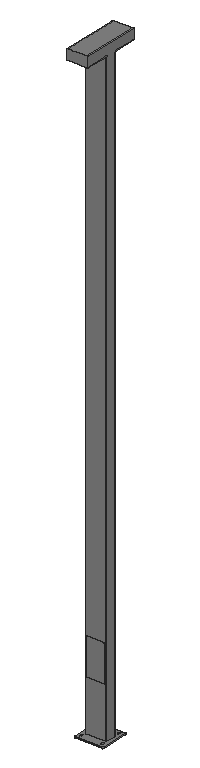
Revit family "Супремус В", category Осветительные приборы, Revit 2019 (continued)
Types (7, lengths in mm): name | Файл фотометрической сетки | built-in parameter 1150105 | Lumens | built-in parameter 1150106 | built-in parameter 1150142 | Wattage | L_общая рассеиватели | ADSK_Фактическая мощность | ADSK_Размер_Высота | ADSK_Номинальная мощность | ADSK_Наименование | ADSK_Масса_Текст | ADSK_Масса | ADSK_Артикул | 2
    .4 335.9 336.5 337.4 338.2 339.1 340.1 341.2 342.4 343.5 345.0\r\n 346.3 348.0 349.8 351.9 354.1 356.6 359.5 362.2 365.2 368.3 371.5 374.6 377.2 379.9 382.9 386.3 389.1 391.7 394.1 397.2 400.4\r\n 403.9 407.5 410.7 414.4 418.8 422.4 425.6 428.8 432.3 435.8 438.4 440.9 443.9 447.0 449.6 452.5 454.9 457.4 460.2 463.0 466.2\r\n 468.9 471.2 472.4 473.0 472.4 471.3 469.6 466.9 463.0 458.6 454.0 449.4 445.0 440.6 436.2 431.7 426.3 420.5 413.5 404.9 395.1\r\n 385.0 374.9 364.6 354.3 343.9 333.7 322.8 311.6 299.7 286.7 273.9 260.3 246.6 232.7 218.3 204.0 189.7 176.0 162.6 149.4 137.9\r\n 126.5 115.1 106.0 98.4 90.9 83.7 77.5 71.5 65.7 60.0 54.6 49.8 44.9 40.6 36.8 33.6 30.7 28.0 25.6 23.4 21.5 19.9 18.3 16.7 15.2\r\n 13.8 12.2 10.7 9.5 8.3 7.4 6.6 6.0 5.3 4.7 4.3 4.0 3.6 3.1 2.8 2.5 2.2 1.9 1.6 1.4 1.3 1.2 1.0 0.9 0.8 0.7 0.5 0.4 0.3 0.1 0.0\r\n 0.0 0.0 0.0 0.0 0.0 0.0 0.0 0.0 0.0 0.0 0.0 0.0 0.0 0.0 0.0 0.0 0.0 0.0 0.0 0.0 0.0 0.0 0.0 0.0 0.0 0.0 0.0 0.0 0.0 0.0 0.0 0.0\r\n 0.0 0.0 0.0 0.0 0.0 0.0 0.0 0.0 0.0 0.0 0.0 0.0 0.0 0.0 0.0 0.0 0.0 0.0 0.0 0.0 0.0 0.0 0.0 0.0 0.0 0.0 0.0 0.0 0.0 0.0 0.0 0.0\r\n 0.0 0.0 0.0 0.0 0.0 0.0 0.0 0.0 0.0 0.0 0.0 0.0 0.0 0.0 0.0 0.0 0.0 0.0 0.0 0.0 0.0 0.0 0.0 0.0 0.0 0.0 0.0 0.0 0.0 0.0 0.0 0.0\r\n 0.0 0.0 0.0 0.0 0.0 0.0 0.0 0.0 0.0 0.0 0.0 0.0 0.0 0.0 0.0 0.0 0.0 0.0 0.0 0.0 0.0 0.0 0.0 0.0 0.0 0.0 0.0 0.0 0.0 0.0 0.0 0.0\r\n 0.0 0.0 0.0 0.0 0.0 0.0 0.0 0.0 0.0 0.0 0.0 0.0 0.0 0.0 0.0 0.0 0.0 0.0 0.0 0.0 0.0 0.0 0.0 0.0 0.0 0.0 0.0 0.0 0.0 0.0\r\n275.6 277.2 278.7 280.3 282.0 283.5 285.2 287.0 288.8 290.5 292.5 294.4 296.3 298.1 299.8 301.6 303.3 304.7 306.1 307.5 308.8\r\n 310.0 311.3 312.2 313.3 314.3 315.6 316.5 317.6 318.9 320.0 321.4 322.5 323.5 324.6 325.4 326.1 327.0 327.6 328.5 329.2 329.8\r\n 330.3 331.2 332.0 332.7 333.2 333.7 334.2 335.0 335.9 336.6 337.8 338.9 340.0 341.3 342.7 344.3 345.7 347.3 348.9 350.6 352.6\r\n 354.5 356.5 359.0 361.0 363.6 366.0 368.8 371.8 374.4 376.7 379.1 381.5 383.8 386.4 388.6 390.3 392.3 394.5 396.5 398.5 400.0\r\n 402.0 404.3 405.9 407.6 410.5 413.3 416.0 418.7 421.0 423.7 425.9 428.1 430.0 432.2 434.3 436.0 438.2 440.1 441.5 442.6 443.3\r\n 443.5 443.5 442.8 441.9 440.2 437.9 434.3 430.1 425.6 421.4 417.3 412.7 407.7 401.8 396.0 390.3 385.1 379.2 372.9 365.9 358.2\r\n 350.0 341.5 333.0 323.5 314.0 304.3 294.4 284.3 272.7 260.4 248.0 235.4 221.9 208.4 195.0 181.1 166.5 152.1 139.0 126.0 113.4\r\n 102.9 93.3 84.7 76.4 68.2 61.1 54.1 48.8 44.3 40.3 36.7 33.6 31.0 28.6 26.5 24.8 23.5 22.6 21.8 21.1 20.3 19.6 18.6 17.5 16.2\r\n 14.6 13.0 11.6 10.5 9.5 8.5 7.7 6.9 6.5 6.1 5.8 5.2 4.7 4.1 3.5 2.9 2.4 2.1 1.8 1.6 1.5 1.4 1.3 1.1 1.0 0.9 0.8 0.7 0.6 0.0 0.0\r\n 0.0 0.0 0.0 0.0 0.0 0.0 0.0 0.0 0.0 0.0 0.0 0.0 0.0 0.0 0.0 0.0 0.0 0.0 0.0 0.0 0.0 0.0 0.0 0.0 0.0 0.0 0.0 0.0 0.0 0.0 0.0 0.0\r\n 0.0 0.0 0.0 0.0 0.0 0.0 0.0 0.0 0.0 0.0 0.0 0.0 0.0 0.0 0.0 0.0 0.0 0.0 0.0 0.0 0.0 0.0 0.0 0.0 0.0 0.0 0.0 0.0 0.0 0.0 0.0 0.0\r\n 0.0 0.0 0.0 0.0 0.0 0.0 0.0 0.0 0.0 0.0 0.0 0.0 0.0 0.0 0.0 0.0 0.0 0.0 0.0 0.0 0.0 0.0 0.0 0.0 0.0 0.0 0.0 0.0 0.0 0.0 0.0 0.0\r\n 0.0 0.0 0.0 0.0 0.0 0.0 0.0 0.0 0.0 0.0 0.0 0.0 0.0 0.0 0.0 0.0 0.0 0.0 0.0 0.0 0.0 0.0 0.0 0.0 0.0 0.0 0.0 0.0 0.0 0.0 0.0 0.0\r\n 0.0 0.0 0.0 0.0 0.0 0.0 0.0 0.0 0.0 0.0 0.0 0.0 0.0 0.0 0.0 0.0 0.0 0.0 0.0 0.0 0.0 0.0 0.0 0.0 0.0 0.0 0.0 0.0 0.0 0.0\r\n275.6 277.3 279.1 281.0 282.7 284.5 286.4 288.6 290.8 293.1 295.0 297.3 299.4 301.3 303.2 305.0 306.8 308.4 310.0 311.5 312.9\r\n 314.0 315.5 316.7 317.7 319.0 320.4 322.0 323.5 325.0 326.1 327.3 328.2 328.9 329.8 330.5 331.3 331.8 332.5 333.1 333.6 334.1\r\n 334.5 335.0 335.6 336.2 337.0 337.8 338.4 339.2 340.0 341.1 342.1 343.5 344.9 346.4 348.2 350.1 351.8 353.6 355.5 357.4 359.3\r\n 361.1 363.4 365.6 368.0 370.4 372.9 375.3 377.6 379.7 381.5 382.4 383.9 385.5 387.0 388.2 389.1 389.8 390.3 390.6 391.1 391.1\r\n 391.1 390.8 391.0 391.5 392.0 392.7 393.5 394.2 395.3 396.0 396.6 396.7 397.1 397.3 397.6 398.0 398.4 398.8 398.7 398.8 398.4\r\n 397.1 395.3 393.0 390.3 387.1 383.0 378.6 374.2 369.4 364.3 359.0 353.3 347.9 343.1 338.5 333.5 327.9 321.9 315.5 309.2 301.8\r\n 294.1 285.9 277.2 268.8 260.1 251.4 242.0 232.4 222.8 212.6 201.7 190.6 179.4 168.4 157.7 146.7 135.6 124.7 113.7 103.5 93.8 84.7\r\n 75.5 66.6 58.9 52.5 47.4 42.8 38.8 35.4 32.6 30.4 28.6 27.0 25.4 24.0 22.9 21.9 21.0 20.1 19.3 18.5 17.7 17.1 16.5 15.6 14.5 13.2\r\n 12.2 11.1 10.2 9.3 8.3 7.4 6.7 6.2 5.8 5.4 4.8 4.3 3.8 3.3 2.7 2.3 2.1 1.8 1.7 1.5 1.4 1.3 1.1 1.0 0.9 0.8 0.7 0.0 0.0 0.0 0.0\r\n 0.0 0.0 0.0 0.0 0.0 0.0 0.0 0.0 0.0 0.0 0.0 0.0 0.0 0.0 0.0 0.0 0.0 0.0 0.0 0.0 0.0 0.0 0.0 0.0 0.0 0.0 0.0 0.0 0.0 0.0 0.0 0.0\r\n 0.0 0.0 0.0 0.0 0.0 0.0 0.0 0.0 0.0 0.0 0.0 0.0 0.0 0.0 0.0 0.0 0.0 0.0 0.0 0.0 0.0 0.0 0.0 0.0 0.0 0.0 0.0 0.0 0.0 0.0 0.0 0.0\r\n 0.0 0.0 0.0 0.0 0.0 0.0 0.0 0.0 0.0 0.0 0.0 0.0 0.0 0.0 0.0 0.0 0.0 0.0 0.0 0.0 0.0 0.0 0.0 0.0 0.0 0.0 0.0 0.0 0.0 0.0 0.0 0.0\r\n 0.0 0.0 0.0 0.0 0.0 0.0 0.0 0.0 0.0 0.0 0.0 0.0 0.0 0.0 0.0 0.0 0.0 0.0 0.0 0.0 0.0 0.0 0.0 0.0 0.0 0.0 0.0 0.0 0.0 0.0 0.0 0.0\r\n 0.0 0.0 0.0 0.0 0.0 0.0 0.0 0.0 0.0 0.0 0.0 0.0 0.0 0.0 0.0 0.0 0.0 0.0 0.0 0.0 0.0 0.0 0.0 0.0 0.0 0.0 0.0 0.0\r\n275.6 277.5 279.4 281.5 283.5 285.5 287.7 290.2 292.8 295.1 297.8 300.0 302.1 304.2 306.4 308.3 310.2 311.9 313.5 314.9 316.3\r\n 317.9 319.1 320.6 322.1 323.9 325.6 327.0 328.5 329.8 330.7 331.6 332.5 333.4 334.2 335.0 335.6 336.2 336.5 336.9 337.5 337.9\r\n 338.5 339.2 340.1 340.6 341.3 342.3 343.2 344.1 345.4 346.6 347.9 349.0 350.4 351.8 352.9 354.3 355.7 357.3 359.0 360.7 362.7\r\n 364.7 366.6 368.3 370.0 371.6 373.1 374.5 375.8 376.5 377.0 377.7 378.6 379.4 379.7 379.5 379.0 377.9 377.1 375.9 373.9 371.9\r\n 370.4 369.2 368.1 366.4 364.8 363.7 362.4 360.9 360.1 359.0 357.7 355.8 353.4 351.2 349.1 346.6 344.1 341.5 338.3 334.8 331.3\r\n 327.9 324.2 320.6 316.4 311.9 306.9 301.6 296.5 291.2 285.9 280.3 274.3 268.3 261.7 255.8 250.2 244.6 238.6 232.4 225.7 218.4\r\n 210.8 203.6 196.5 189.1 182.2 175.5 168.9 162.7 155.6 148.3 140.7 132.8 124.3 115.6 107.1 98.1 89.8 81.9 74.2 67.1 61.4 55.8 51.8\r\n 48.3 44.8 41.8 39.1 36.6 34.5 32.5 30.7 29.2 27.7 26.2 24.7 23.3 22.0 20.6 19.3 18.1 17.0 16.1 15.2 14.4 13.6 12.9 12.1 11.3 10.5\r\n 9.8 9.1 8.4 7.7 7.2 6.7 6.4 6.2 5.7 4.9 4.4 3.9 3.4 2.9 2.5 2.2 2.0 1.8 1.7 1.5 1.4 1.3 1.2 1.1 1.0 0.9 0.0 0.0 0.0 0.0 0.0 0.0\r\n 0.0 0.0 0.0 0.0 0.0 0.0 0.0 0.0 0.0 0.0 0.0 0.0 0.0 0.0 0.0 0.0 0.0 0.0 0.0 0.0 0.0 0.0 0.0 0.0 0.0 0.0 0.0 0.0 0.0 0.0 0.0 0.0\r\n 0.0 0.0 0.0 0.0 0.0 0.0 0.0 0.0 0.0 0.0 0.0 0.0 0.0 0.0 0.0 0.0 0.0 0.0 0.0 0.0 0.0 0.0 0.0 0.0 0.0 0.0 0.0 0.0 0.0 0.0 0.0 0.0\r\n 0.0 0.0 0.0 0.0 0.0 0.0 0.0 0.0 0.0 0.0 0.0 0.0 0.0 0.0 0.0 0.0 0.0 0.0 0.0 0.0 0.0 0.0 0.0 0.0 0.0 0.0 0.0 0.0 0.0 0.0 0.0 0.0\r\n 0.0 0.0 0.0 0.0 0.0 0.0 0.0 0.0 0.0 0.0 0.0 0.0 0.0 0.0 0.0 0.0 0.0 0.0 0.0 0.0 0.0 0.0 0.0 0.0 0.0 0.0 0.0 0.0 0.0 0.0 0.0 0.0\r\n 0.0 0.0 0.0 0.0 0.0 0.0 0.0 0.0 0.0 0.0 0.0 0.0 0.0 0.0 0.0 0.0 0.0 0.0 0.0 0.0 0.0 0.0 0.0 0.0 0.0 0.0\r\n275.6 277.6 279.6 281.7 284.0 286.2 288.8 291.4 294.2 297.1 299.7 302.2 304.5 306.8 309.0 311.0 313.1 314.7 316.4 318.1 319.4\r\n 321.0 322.7 324.6 326.4 328.3 329.8 331.2 332.4 333.5 334.7 335.7 336.7 337.7 338.3 339.0 339.5 340.1 340.5 341.2 341.9 342.6\r\n 343.2 344.1 344.9 345.6 346.6 347.6 348.8 349.9 350.8 351.5 352.5 353.2 354.3 355.4 356.3 357.5 358.3 359.2 360.2 361.2 362.3\r\n 363.6 364.4 365.1 365.7 366.0 366.3 366.5 366.0 365.8 366.1 366.8 367.6 368.1 367.6 366.7 365.1 363.3 360.9 357.6 354.4 352.2\r\n 349.7 347.1 344.3 341.1 338.4 335.0 331.3 328.1 325.2 321.5 317.6 313.4 308.9 304.0 299.3 294.8 290.4 285.8 281.0 276.0 270.9\r\n 265.5 260.0 253.9 247.6 241.4 235.2 228.7 222.1 215.0 208.2 201.9 196.1 190.6 184.9 179.4 173.5 167.1 160.9 154.6 148.6 142.5\r\n 136.9 131.7 127.2 122.6 118.1 113.7 108.9 103.9 98.9 94.0 89.1 84.0 79.1 74.2 69.4 64.7 60.3 56.3 52.6 49.4 46.6 44.3 42.3 40.5\r\n 38.7 37.0 35.3 33.8 32.2 30.8 29.6 28.3 27.0 25.7 24.5 23.4 22.1 20.8 19.6 18.5 17.4 16.5 15.5 14.5 13.4 12.4 11.4 10.6 9.7 9.1\r\n 8.3 7.7 7.1 6.5 6.0 5.7 5.5 5.1 4.7 4.3 3.8 3.4 3.0 2.8 2.5 2.3 2.1 2.0 1.8 1.7 1.5 1.4 1.3 1.1 1.0 0.0 0.0 0.0 0.0 0.0 0.0 0.0\r\n 0.0 0.0 0.0 0.0 0.0 0.0 0.0 0.0 0.0 0.0 0.0 0.0 0.0 0.0 0.0 0.0 0.0 0.0 0.0 0.0 0.0 0.0 0.0 0.0 0.0 0.0 0.0 0.0 0.0 0.0 0.0 0.0\r\n 0.0 0.0 0.0 0.0 0.0 0.0 0.0 0.0 0.0 0.0 0.0 0.0 0.0 0.0 0.0 0.0 0.0 0.0 0.0 0.0 0.0 0.0 0.0 0.0 0.0 0.0 0.0 0.0 0.0 0.0 0.0 0.0\r\n 0.0 0.0 0.0 0.0 0.0 0.0 0.0 0.0 0.0 0.0 0.0 0.0 0.0 0.0 0.0 0.0 0.0 0.0 0.0 0.0 0.0 0.0 0.0 0.0 0.0 0.0 0.0 0.0 0.0 0.0 0.0 0.0\r\n 0.0 0.0 0.0 0.0 0.0 0.0 0.0 0.0 0.0 0.0 0.0 0.0 0.0 0.0 0.0 0.0 0.0 0.0 0.0 0.0 0.0 0.0 0.0 0.0 0.0 0.0 0.0 0.0 0.0 0.0 0.0 0.0\r\n 0.0 0.0 0.0 0.0 0.0 0.0 0.0 0.0 0.0 0.0 0.0 0.0 0.0 0.0 0.0 0.0 0.0 0.0 0.0 0.0 0.0 0.0 0.0 0.0 0.0\r\n275.6 277.7 279.8 282.1 284.6 287.0 289.8 292.9 296.0 298.8 301.6 304.2 306.6 308.9 311.1 313.3 315.2 317.1 319.0 320.6 322.3\r\n 324.1 326.3 328.3 330.0 331.6 333.1 334.3 335.4 336.5 338.0 338.8 339.6 340.7 341.3 341.9 342.7 343.6 344.4 345.2 345.9 346.8\r\n 347.8 348.6 349.7 350.6 351.4 352.2 352.9 353.5 354.1 354.9 355.6 356.5 356.8 357.3 357.9 358.2 358.5 359.2 359.6 359.6 359.6\r\n 359.6 359.6 359.2 358.8 358.1 357.7 357.2 356.8 356.3 356.5 356.6 356.2 354.9 352.9 350.1 347.3 344.3 340.2 336.1 332.9 329.3\r\n 325.5 321.3 316.8 312.4 307.1 302.2 297.9 293.2 288.0 282.6 277.0 270.5 264.2 257.7 251.5 245.5 239.2 232.5 225.3 218.1 210.7\r\n 203.4 196.5 189.9 183.3 176.6 170.1 163.9 158.4 153.1 147.9 142.6 137.5 132.4 127.4 122.8 118.8 114.6 110.2 105.8 101.9 98.1 94.6\r\n 91.0 87.1 83.3 79.8 76.4 72.7 69.1 65.4 61.8 58.2 54.9 51.9 49.1 46.9 45.0 43.3 41.6 40.0 38.5 37.0 35.5 34.0 32.7 31.4 30.0 28.8\r\n 27.5 26.4 25.3 24.3 23.5 22.6 21.8 20.9 19.9 19.1 18.3 17.5 16.7 15.9 15.2 14.4 13.4 12.6 11.9 11.1 10.3 9.7 9.1 8.6 8.0 7.3 6.6\r\n 6.3 5.9 5.5 5.1 4.7 4.3 4.0 3.7 3.3 3.0 2.8 2.5 2.3 2.1 2.0 1.9 1.7 1.6 1.4 1.2 1.1 0.0 0.0 0.0 0.0 0.0 0.0 0.0 0.0 0.0 0.0 0.0\r\n 0.0 0.0 0.0 0.0 0.0 0.0 0.0 0.0 0.0 0.0 0.0 0.0 0.0 0.0 0.0 0.0 0.0 0.0 0.0 0.0 0.0 0.0 0.0 0.0 0.0 0.0 0.0 0.0 0.0 0.0 0.0 0.0\r\n 0.0 0.0 0.0 0.0 0.0 0.0 0.0 0.0 0.0 0.0 0.0 0.0 0.0 0.0 0.0 0.0 0.0 0.0 0.0 0.0 0.0 0.0 0.0 0.0 0.0 0.0 0.0 0.0 0.0 0.0 0.0 0.0\r\n 0.0 0.0 0.0 0.0 0.0 0.0 0.0 0.0 0.0 0.0 0.0 0.0 0.0 0.0 0.0 0.0 0.0 0.0 0.0 0.0 0.0 0.0 0.0 0.0 0.0 0.0 0.0 0.0 0.0 0.0 0.0 0.0\r\n 0.0 0.0 0.0 0.0 0.0 0.0 0.0 0.0 0.0 0.0 0.0 0.0 0.0 0.0 0.0 0.0 0.0 0.0 0.0 0.0 0.0 0.0 0.0 0.0 0.0 0.0 0.0 0.0 0.0 0.0 0.0 0.0\r\n 0.0 0.0 0.0 0.0 0.0 0.0 0.0 0.0 0.0 0.0 0.0 0.0 0.0 0.0 0.0 0.0 0.0 0.0 0.0 0.0 0.0\r\n275.6 277.8 280.1 282.5 285.1 287.9 290.9 293.9 297.1 300.3 303.1 305.7 308.4 310.8 313.2 315.3 317.5 319.4 321.2 323.2 325.2\r\n 327.6 329.5 331.4 333.1 334.5 335.9 337.4 338.6 339.9 341.1 342.0 343.0 343.8 344.7 345.7 346.8 347.6 348.4 349.5 350.5 351.6\r\n 352.7 353.7 354.4 355.1 355.7 356.2 356.6 357.4 357.8 358.3 358.5 358.7 358.8 358.7 359.0 359.0 358.5 358.4 358.3 357.9 357.7\r\n 357.2 356.6 355.9 355.2 354.6 353.6 352.4 351.3 350.6 350.2 349.0 347.3 344.5 340.7 336.9 333.1 328.4 323.4 318.5 314.1 309.2\r\n 304.1 298.7 293.0 286.7 280.6 275.0 269.3 262.6 255.2 248.0 240.6 233.4 226.3 219.7 212.7 205.6 198.5 191.4 184.4 177.6 171.1\r\n 164.7 158.3 151.9 146.2 141.2 136.8 132.7 128.4 124.2 119.9 115.6 111.6 107.9 104.4 100.9 97.5 94.4 91.5 88.8 85.7 82.4 79.1 75.7\r\n 72.1 68.6 64.7 60.9 57.1 53.8 50.7 48.1 45.7 43.7 42.0 40.4 39.0 37.5 36.0 34.3 32.6 31.0 29.4 27.9 26.5 25.2 24.0 23.0 22.0 21.1\r\n 20.4 19.7 19.0 18.4 17.8 17.0 16.1 15.4 14.7 14.1 13.5 12.9 12.4 11.9 11.3 10.5 10.1 9.6 9.1 8.6 8.3 7.9 7.5 7.1 6.8 6.6 6.5 5.9\r\n 5.4 5.0 4.6 4.1 3.8 3.5 3.2 2.9 2.7 2.5 2.3 2.1 2.0 1.9 1.7 1.5 1.4 1.3 1.1 0.0 0.0 0.0 0.0 0.0 0.0 0.0 0.0 0.0 0.0 0.0 0.0 0.0\r\n 0.0 0.0 0.0 0.0 0.0 0.0 0.0 0.0 0.0 0.0 0.0 0.0 0.0 0.0 0.0 0.0 0.0 0.0 0.0 0.0 0.0 0.0 0.0 0.0 0.0 0.0 0.0 0.0 0.0 0.0 0.0 0.0\r\n 0.0 0.0 0.0 0.0 0.0 0.0 0.0 0.0 0.0 0.0 0.0 0.0 0.0 0.0 0.0 0.0 0.0 0.0 0.0 0.0 0.0 0.0 0.0 0.0 0.0 0.0 0.0 0.0 0.0 0.0 0.0 0.0\r\n 0.0 0.0 0.0 0.0 0.0 0.0 0.0 0.0 0.0 0.0 0.0 0.0 0.0 0.0 0.0 0.0 0.0 0.0 0.0 0.0 0.0 0.0 0.0 0.0 0.0 0.0 0.0 0.0 0.0 0.0 0.0 0.0\r\n 0.0 0.0 0.0 0.0 0.0 0.0 0.0 0.0 0.0 0.0 0.0 0.0 0.0 0.0 0.0 0.0 0.0 0.0 0.0 0.0 0.0 0.0 0.0 0.0 0.0 0.0 0.0 0.0 0.0 0.0 0.0 0.0\r\n 0.0 0.0 0.0 0.0 0.0 0.0 0.0 0.0 0.0 0.0 0.0 0.0 0.0 0.0 0.0 0.0 0.0 0.0 0.0\r\n275.6 277.9 280.3 282.8 285.5 288.5 291.6 294.8 298.1 301.3 304.1 307.0 309.6 312.0 314.4 316.6 318.8 321.0 323.0 325.3 327.7\r\n 329.8 331.8 333.6 335.3 336.6 338.2 339.8 341.0 342.3 343.3 344.3 345.4 346.5 347.7 348.7 349.7 350.8 352.1 353.1 354.3 355.3\r\n 356.1 357.0 357.7 358.1 358.7 359.3 359.8 359.9 360.2 360.0 359.7 359.6 359.4 359.0 358.4 358.0 357.8 357.4 357.1 356.6 356.0\r\n 355.3 354.5 353.3 352.1 350.6 349.3 348.0 346.5 345.6 344.1 341.8 338.7 334.1 329.8 325.8 321.1 315.9 310.0 305.3 299.6 293.4\r\n 287.0 280.1 272.6 264.4 256.7 249.6 241.8 233.5 225.6 217.5 209.0 201.7 194.9 188.0 180.9 173.7 166.3 158.9 151.9 145.6 140.0\r\n 134.7 129.9 125.7 122.2 118.8 115.4 111.9 108.3 105.0 102.0 99.3 96.7 94.0 91.3 88.9 86.6 84.0 81.3 78.5 75.4 72.4 69.2 65.7 62.3\r\n 58.8 55.7 53.0 50.3 48.0 45.9 44.0 42.3 40.6 38.9 37.0 35.1 33.2 31.3 29.4 27.7 26.1 24.6 23.4 22.2 21.1 20.2 19.4 18.7 18.0 17.2\r\n 16.4 15.6 14.8 14.2 13.6 13.1 12.5 12.0 11.5 10.9 10.4 10.0 9.4 8.6 8.1 7.6 7.3 6.9 6.5 6.3 6.1 5.8 5.6 5.5 5.6 5.4 4.9 4.8 4.3\r\n 4.0 3.7 3.4 3.1 2.9 2.7 2.5 2.3 2.2 2.0 1.9 1.8 1.7 1.5 1.4 1.3 1.2 0.0 0.0 0.0 0.0 0.0 0.0 0.0 0.0 0.0 0.0 0.0 0.0 0.0 0.0 0.0\r\n 0.0 0.0 0.0 0.0 0.0 0.0 0.0 0.0 0.0 0.0 0.0 0.0 0.0 0.0 0.0 0.0 0.0 0.0 0.0 0.0 0.0 0.0 0.0 0.0 0.0 0.0 0.0 0.0 0.0 0.0 0.0 0.0\r\n 0.0 0.0 0.0 0.0 0.0 0.0 0.0 0.0 0.0 0.0 0.0 0.0 0.0 0.0 0.0 0.0 0.0 0.0 0.0 0.0 0.0 0.0 0.0 0.0 0.0 0.0 0.0 0.0 0.0 0.0 0.0 0.0\r\n 0.0 0.0 0.0 0.0 0.0 0.0 0.0 0.0 0.0 0.0 0.0 0.0 0.0 0.0 0.0 0.0 0.0 0.0 0.0 0.0 0.0 0.0 0.0 0.0 0.0 0.0 0.0 0.0 0.0 0.0 0.0 0.0\r\n 0.0 0.0 0.0 0.0 0.0 0.0 0.0 0.0 0.0 0.0 0.0 0.0 0.0 0.0 0.0 0.0 0.0 0.0 0.0 0.0 0.0 0.0 0.0 0.0 0.0 0.0 0.0 0.0 0.0 0.0 0.0 0.0\r\n 0.0 0.0 0.0 0.0 0.0 0.0 0.0 0.0 0.0 0.0 0.0 0.0 0.0 0.0 0.0 0.0 0.0\r\n275.6 278.1 280.4 283.2 285.9 289.0 292.1 295.3 298.8 302.1 304.9 308.0 310.6 313.2 315.5 317.9 320.2 322.0 324.5 327.0 329.5\r\n 331.7 333.6 335.5 337.0 338.7 340.2 341.8 343.1 344.6 345.6 347.0 348.1 349.6 350.6 351.8 352.9 354.3 355.6 356.8 357.9 359.0\r\n 359.6 360.1 360.6 361.2 361.9 362.0 362.4 362.6 362.0 361.8 361.5 360.5 360.2 359.6 359.3 359.0 358.4 358.1 357.6 356.8 355.9\r\n 354.6 353.3 351.8 350.1 348.7 347.0 344.9 343.3 341.5 339.2 336.0 332.0 327.4 323.1 319.4 314.4 308.8 303.0 297.4 290.8 283.0\r\n 275.3 266.8 258.0 249.3 240.9 233.3 225.0 216.5 208.4 199.8 191.4 183.8 176.3 169.0 161.8 154.8 148.3 141.5 135.4 130.2 126.0\r\n 121.9 117.7 114.5 111.3 107.9 104.8 101.6 98.6 96.1 93.7 91.3 88.7 86.1 83.6 81.2 78.5 75.7 72.8 69.8 66.7 63.4 59.8 56.6 53.9\r\n 51.3 49.1 47.0 45.1 43.4 41.8 40.3 38.6 36.7 34.6 32.6 30.8 28.9 27.2 25.7 24.3 23.0 21.7 20.6 19.7 18.8 18.0 17.3 16.6 15.6 14.4\r\n 13.4 12.8 12.4 11.9 11.4 11.0 10.6 10.2 9.7 9.2 8.8 8.5 7.8 7.0 6.5 6.1 5.8 5.6 5.3 5.2 5.1 4.9 4.8 4.8 4.9 4.9 4.3 4.2 3.9 3.6\r\n 3.3 3.1 2.9 2.8 2.6 2.4 2.3 2.2 2.1 2.0 1.9 1.8 1.6 1.5 1.4 1.2 0.0 0.0 0.0 0.0 0.0 0.0 0.0 0.0 0.0 0.0 0.0 0.0 0.0 0.0 0.0 0.0\r\n 0.0 0.0 0.0 0.0 0.0 0.0 0.0 0.0 0.0 0.0 0.0 0.0 0.0 0.0 0.0 0.0 0.0 0.0 0.0 0.0 0.0 0.0 0.0 0.0 0.0 0.0 0.0 0.0 0.0 0.0 0.0 0.0\r\n 0.0 0.0 0.0 0.0 0.0 0.0 0.0 0.0 0.0 0.0 0.0 0.0 0.0 0.0 0.0 0.0 0.0 0.0 0.0 0.0 0.0 0.0 0.0 0.0 0.0 0.0 0.0 0.0 0.0 0.0 0.0 0.0\r\n 0.0 0.0 0.0 0.0 0.0 0.0 0.0 0.0 0.0 0.0 0.0 0.0 0.0 0.0 0.0 0.0 0.0 0.0 0.0 0.0 0.0 0.0 0.0 0.0 0.0 0.0 0.0 0.0 0.0 0.0 0.0 0.0\r\n 0.0 0.0 0.0 0.0 0.0 0.0 0.0 0.0 0.0 0.0 0.0 0.0 0.0 0.0 0.0 0.0 0.0 0.0 0.0 0.0 0.0 0.0 0.0 0.0 0.0 0.0 0.0 0.0 0.0 0.0 0.0 0.0\r\n 0.0 0.0 0.0 0.0 0.0 0.0 0.0 0.0 0.0 0.0 0.0 0.0 0.0 0.0 0.0 0.0\r\n275.6 278.0 280.5 283.3 286.2 289.3 292.5 296.0 299.4 302.5 305.7 308.7 311.2 313.8 316.2 318.5 320.7 323.0 325.4 328.1 330.4\r\n 332.7 334.7 336.4 337.9 339.7 341.2 342.7 344.1 345.6 347.0 348.2 349.7 351.1 352.3 353.5 355.1 356.3 357.7 358.7 360.0 360.9\r\n 361.5 361.9 362.6 363.0 363.4 363.6 363.6 363.1 362.6 362.0 361.2 360.6 360.1 359
